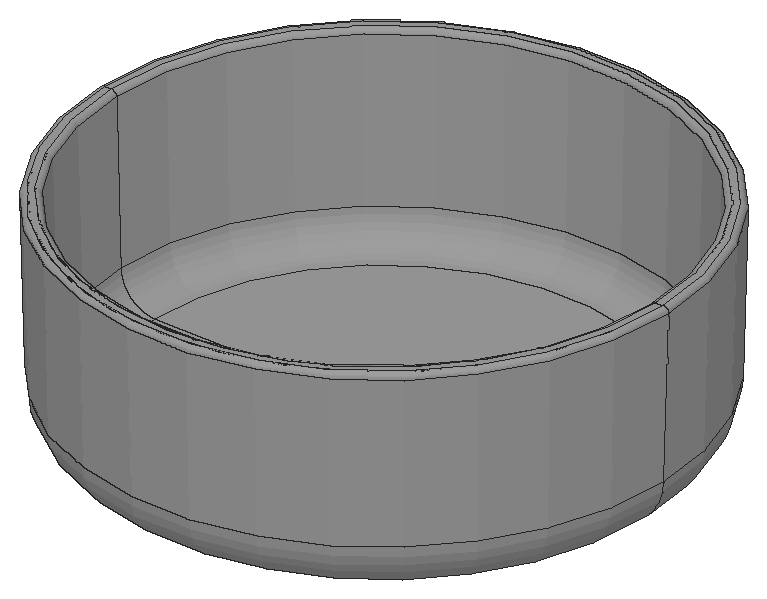
Revit family "L.LINES", category Plumbing Fixtures, Revit 2019
Family settings
  Round Connector Dimension = Use Diameter
  Part Type = Normal
  OmniClass Number = 23.45.00.00
  OmniClass Title = Sanitary, Laundry, and Cleaning Equipment
  Work Plane-Based = No
  Always vertical = Yes
  Cut with Voids When Loaded = No
  Shared = No
  Room Calculation Point = No
Reference planes
  plane 1 "Center (Front/Back)": y = 0
  plane 2: z = 0
  plane 3 "Center (Left/Right)": x = 0
Forms (mm)
  Revolve 1, solid
    sketch origin (0, 0, 0) x (1, 0, 0) y (0, 0, 1)
      loop
        line (0, 0) -> (132.583, 0)
        arc (132.583, 0) -> (153.511, 8.505) -> (162.572, 29.198) r 30
        line (162.572, 29.198) -> (164.925, 117.187)
        arc (164.925, 117.187) -> (164.075, 119.36) -> (161.926, 120.267) r 3
        line (161.926, 120.267) -> (157.927, 120.267)
        arc (157.927, 120.267) -> (155.832, 119.416) -> (154.925, 117.345) r 3.002
        line (154.925, 117.345) -> (152.576, 29.465)
        arc (152.576, 29.465) -> (146.535, 15.67) -> (132.583, 10) r 20
        line (132.583, 10) -> (0, 10) -> (0, 0)
      axis (0, 0) -> (0, 120.267)
    angle from 0 to 360
  Extrusion 2, void
    sketch origin (0, 0, 0) x (1, 0, 0) y (0, 1, 0)
      loop
        circle (0, 0) r 25
    from -21.744 to 46.766
Cuts and joins
  Extrusion 2 cuts Revolve 1
Dimensions and locks
  aligned and locked: level to plane 2
